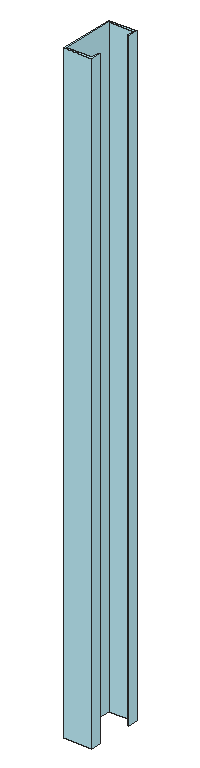
Revit family "(JIS)90×45×15×2.3", category 機械設備, Revit 2020
Family settings
  丸型コネクタ寸法 = 直径を使用
  種別 = なし
  パーツ タイプ = 標準
  作業面ベース = いいえ
  常に垂直 = はい
  ロード時にボイドで切り取り = いいえ
  共有 = いいえ
  部屋計算ポイント = いいえ
Parameters
  製造元 = "株式会社桐井製作所"
  既定の高さ = 0 mm
  URL = "https://www.kirii.co.jp/"
  K_長さ(mm) [instance] = 1000 mm
  K_材質 = "SSC400"
  K_外形寸法(mm) = "90×45×15×2.3"
  K_品名 = "(JIS)90×45×15×2.3"
  K_名称 = "補強材"
  K_バージョン情報 = "20210524"
  K_めっき付着量 = "Z12"
  K_JIS規格 = "JIS G 3350"
Reference planes
  plane 1 "中心(正面/背面)": y = 0
  plane 2: z = 0
  plane 3 "中心(左/右)": x = 0
  plane 4: z = 1000
  plane 5: y = 90
Forms (mm)
  Extrusion 1, solid
    sketch origin (0, 0, 0) x (1, 0, 0) y (0, 1, 0)
      loop
        line (0, 0) -> (45, 0) -> (45, 15) -> (42.7, 15) -> (42.7, 2.3) -> (2.3, 2.3) -> (2.3, 87.7) -> (42.7, 87.7) -> (42.7, 75) -> (45, 75) -> (45, 90) -> (0, 90) -> (0, 0)
    from 0 to 1000
Dimensions and locks
  "K_長さ(mm)": plane 4 to plane 2
  aligned and locked: level to plane 2
  aligned and locked: plane 4 to Extrusion 1
  aligned and locked: plane 5 to Extrusion 1  (x2)
Automatic sketch dimensions
  Extrusion 1 sketch curve to plane 3 "中心(左/右)" = 0 mm
  plane 1 "中心(正面/背面)" to Extrusion 1 sketch curve = 0 mm
  plane 3 "中心(左/右)" to Extrusion 1 sketch curve = 2.3 mm
  Extrusion 1 sketch curve to plane 1 "中心(正面/背面)" = 15 mm
  Extrusion 1 sketch curve to Extrusion 1 sketch curve = 40.4 mm  (x2)
  Extrusion 1 sketch curve to Extrusion 1 sketch curve = 2.3 mm  (x3)
  Extrusion 1 sketch curve to plane 1 "中心(正面/背面)" = 2.3 mm
  Extrusion 1 sketch curve to Extrusion 1 sketch curve = 60 mm
  Extrusion 1 sketch curve to Extrusion 1 sketch curve = 12.7 mm
